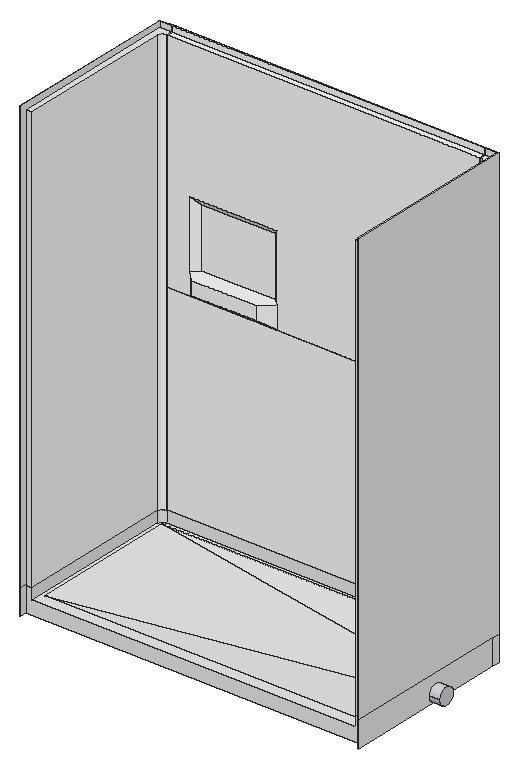
Revit family "5LBS6030BSD25T,BSD45T", category Plumbing Fixtures, Revit 2017
Family settings
  Round Connector Dimension = Use Diameter
  Part Type = Normal
  OmniClass Number = 23.45.05.14.17
  OmniClass Title = Showers
  Work Plane-Based = No
  Always vertical = Yes
  Cut with Voids When Loaded = No
  Shared = No
  Room Calculation Point = No
Parameters (values of type "5LBS6030BSD25T")
  Unit Width = 60"
  Unit Height = 81"
  URL = "http://www.bestbath.com/"
  Type Comments = "Barrier Free"
  Threshold Height = 2 1/2"
  Soap Ledge Height = 4 1/2"
  Pan Void Height = 3/4"
  Model = "5LBS6030BSD25T"
  Material [instance] = Best Bath Gelcoat Fiberglass - 4 x 8 Subway Tile
  Manufacturer = "Best Bath Systems, Inc."
  Keynote = "22 40 00.B3"
  Description = "4 x 8 Subway Tile, Traditional Threshold"
  Assembly Code = "D2010710"
Types (3): name | Unit Height | Threshold Height | Soap Ledge Height | Model
  (no name) | 81" | 2 1/2" | 4 1/2" | "5LBS6030BSD25T"
  5LBS6030BSD25T | 81" | 2 1/2" | 4 1/2" | "5LBS6030BSD25T"
  5LBS6030BSD45T | 83" | 4 1/2" | 6 1/2" | "5LBS6030BSD45T"
Reference planes (in)
  plane 1: z = 0
  plane 2 "Left": x = 0
  plane 3: z = 80
  plane 4: z = 81
  plane 5: y = 6.36165
  plane 6: y = 36.36165
  plane 7: x = 60
  plane 8: y = 35.11165
  plane 9: y = 22.36165
  plane 10: z = 2.5
  plane 11: z = 40
  plane 12: z = 4.5
  plane 13: y = 5.36165
  plane 14: z = 44
  plane 15: x = 30
  plane 16: z = 1.75
Forms (in)
  Extrusion 1, solid, material "Best Bath Gelcoat Fiberglass - 4 x 8 Subway Tile" <- "Material"
    sketch origin (0, 0, 0) x (1, 0, 0) y (0, 1, 0)
      loop
        line (2.25, 36.36165) -> (2.25, 35.11165) -> (57.75, 35.11165) -> (57.75, 36.36165) -> (2.25, 36.36165)
    from 4.5 to 40
  Blend 2, void
    base sketch origin (0, 0, 0) x (1, 0, 0) y (0, 1, 0)
      loop
        line (1.875, 8.36165) -> (58.125, 8.36165) -> (58.125, 34.48665) -> (1.875, 34.48665) -> (1.875, 8.36165)
    top sketch origin (0, 0, 0) x (1, 0, 0) y (0, 1, 0)
      loop
        line (54.63611, 25.36165) -> (54.63611, 19.36165) -> (58.125, 19.36165) -> (58.125, 25.36165) -> (54.63611, 25.36165)
    from 2.5 to 1.75
  Extrusion 3, solid, material "Best Bath Gelcoat Fiberglass - 4 x 8 Subway Tile" <- "Material"
    sketch origin (0, 0, 0) x (1, 0, 0) y (0, 1, 0)
      loop
        line (2.25, 36.36165) -> (2.25, 35.11165) -> (57.75, 35.11165) -> (57.75, 36.36165) -> (2.25, 36.36165)
    from 40 to 80
  Extrusion 4, solid, material "Best Bath Gelcoat Fiberglass - Smooth"
    sketch origin (0.25, 0, 0) x (1, 0, 0) y (0, 1, 0)
      loop
        line (-0.25, 6.36165) -> (1, 6.36165) -> (1, 34.11165)
        arc (1, 34.11165) -> (1.29289, 34.81875) -> (2, 35.11165) r 1
        line (2, 35.11165) -> (2, 36.36165) -> (-0.25, 36.36165) -> (-0.25, 6.36165)
      loop
        line (59.75, 6.36165) -> (59.75, 36.36165) -> (57.5, 36.36165) -> (57.5, 35.11165)
        arc (57.5, 35.11165) -> (58.20711, 34.81875) -> (58.5, 34.11165) r 1
        line (58.5, 34.11165) -> (58.5, 6.36165) -> (59.75, 6.36165)
    from 4.5 to 80
  Extrusion 5, solid, material "Best Bath Gelcoat Fiberglass - Smooth"
    sketch origin (0, 0, 0) x (1, 0, 0) y (0, 1, 0)
      loop
        line (0, 36.36165) -> (0, 6.36165) -> (1.25, 6.36165) -> (1.25, 34.11165)
        arc (1.25, 34.11165) -> (1.54289, 34.81875) -> (2.25, 35.11165) r 1
        line (2.25, 35.11165) -> (57.75, 35.11165)
        arc (57.75, 35.11165) -> (58.45711, 34.81875) -> (58.75, 34.11165) r 1
        line (58.75, 34.11165) -> (58.75, 6.36165) -> (60, 6.36165) -> (60, 35.11165) -> (60, 36.36165) -> (0, 36.36165)
    from 0 to 4.5
  Extrusion 6, solid, material "Best Bath Gelcoat Fiberglass - Smooth"
    sketch origin (0, 0, 0) x (1, 0, 0) y (0, 1, 0)
      loop
        line (0, 5.36165) -> (0.125, 5.36165) -> (0.125, 6.36165) -> (0, 6.36165) -> (0, 5.36165)
      loop
        line (60, 5.36165) -> (60, 6.36165) -> (59.875, 6.36165) -> (59.875, 5.36165) -> (60, 5.36165)
    from 0 to 4.5
  Extrusion 7, solid, material "Best Bath Gelcoat Fiberglass - 4 x 8 Subway Tile" <- "Material"
    sketch origin (0, 0, 0) x (1, 0, 0) y (0, 1, 0)
      loop
        line (2.25, 36.36165) -> (2.25, 36.23665) -> (57.75, 36.23665) -> (57.75, 36.36165) -> (2.25, 36.36165)
    from 80 to 81
  Extrusion 8, solid, material "Best Bath Gelcoat Fiberglass - Smooth"
    sketch origin (0, 0, 0) x (1, 0, 0) y (0, 1, 0)
      loop
        line (0.125, 5.36165) -> (0.125, 36.23665) -> (2.25, 36.23665) -> (2.25, 36.36165) -> (0, 36.36165) -> (0, 5.36165) -> (0.125, 5.36165)
      loop
        line (59.875, 5.36165) -> (60, 5.36165) -> (60, 36.36165) -> (57.75, 36.36165) -> (57.75, 36.23665) -> (59.875, 36.23665) -> (59.875, 5.36165)
    from 4.5 to 81
  Blend 9, solid, material "Best Bath Gelcoat Fiberglass - 4 x 8 Subway Tile" <- "Material"
    base sketch origin (1.5, -39, 0) x (1, 0, 0) y (0, 0, 1)
      loop
        line (52.25, 44) -> (36.75, 44) -> (36.75, 40) -> (52.25, 40) -> (52.25, 44)
    top sketch origin (1.5, -39, 0) x (1, 0, 0) y (0, 0, 1)
      loop
        line (38.75, 44) -> (38.75, 41.625) -> (50.25, 41.625) -> (50.25, 44) -> (38.75, 44)
    from -74.11165 to -72.11165
  Blend 10, void
    base sketch origin (1.5, -38.5, 0) x (1, 0, 0) y (0, 0, 1)
      loop
        line (36.75, 44) -> (52.25, 44) -> (52.25, 55.75) -> (36.75, 55.75) -> (36.75, 44)
    top sketch origin (1.5, -38.5, 0) x (1, 0, 0) y (0, 0, 1)
      loop
        line (38, 44) -> (51, 44) -> (51, 54.5) -> (38, 54.5) -> (38, 44)
    from -73.61165 to -74.61165
  Blend 11, solid, material "Best Bath Gelcoat Fiberglass - 4 x 8 Subway Tile" <- "Material"
    base sketch origin (58.5, -39, 0) x (-1, 0, 0) y (0, 0, -1)
      loop
        line (52.25, -44) -> (52.25, -40) -> (36.75, -40) -> (36.75, -44) -> (52.25, -44)
    top sketch origin (58.5, -39, 0) x (-1, 0, 0) y (0, 0, -1)
      loop
        line (38.75, -44) -> (50.25, -44) -> (50.25, -41.625) -> (38.75, -41.625) -> (38.75, -44)
    from -74.11165 to -72.11165
  Blend 12, void
    base sketch origin (58.5, -38.5, 0) x (-1, 0, 0) y (0, 0, -1)
      loop
        line (36.75, -44) -> (36.75, -55.75) -> (52.25, -55.75) -> (52.25, -44) -> (36.75, -44)
    top sketch origin (58.5, -38.5, 0) x (-1, 0, 0) y (0, 0, -1)
      loop
        line (38, -44) -> (38, -54.5) -> (51, -54.5) -> (51, -44) -> (38, -44)
    from -73.61165 to -74.61165
  Extrusion 13, solid, material "Best Bath Gelcoat Fiberglass - Smooth"
    sketch origin (0, 0, 0) x (1, 0, 0) y (0, 1, 0)
      loop
        line (0.125, 36.23665) -> (0.125, 6.36165) -> (59.875, 6.36165) -> (59.875, 36.23665) -> (0.125, 36.23665)
    from 0 to 2.5 <- "Threshold Height"
  Extrusion 14, solid
    sketch origin (0, 0, 0) x (0, 1, 0) y (0, 0, 1)
      loop
        circle (22.36165, 1.5) r 1.4375
    from 60 to 62
Cuts and joins
  Blend 2 cuts Extrusion 13
  joined: Extrusion 5, Extrusion 6, Extrusion 13
  Blend 10, Blend 12 cuts Extrusion 3
  Blend 12 cuts Extrusion 7
  Blend 12 cuts Blend 9
  joined: Extrusion 3, Extrusion 7, Blend 9, Blend 11
  joined: Extrusion 4, Extrusion 8
Dimensions and locks (in)
  locked: plane 4 to plane 3 at 1
  "Unit Height": plane 4 to level
  plane 2 "Left" to plane 7 = 60"
  "Unit Width": plane 2 "Left" to plane 7
  locked: plane 6 to plane 8 at 1.25
  locked: plane 6 to plane 9 at 14
  locked: plane 11 to plane 12 at 35.5
  locked: plane 5 to plane 13 at 1
  locked: plane 6 to plane 13 at 31
  locked: plane 14 to plane 11 at 4
  Blend 2 sketch curve to Blend 2 sketch curve = 6"
  "Threshold Height": cut or joined group of Blend 2, Extrusion 5, Extrusion 6, Extrusion 13 to level
  "Soap Ledge Height": plane 12 to level
  locked: plane 10 to plane 16 at 0.75
  locked: plane 9 to cut or joined group of Extrusion 4, Extrusion 8 at 14
  "Threshold Height": plane 10 to level
  plane 12 to Extrusion 14 sketch curve = 3"
  aligned and locked: level to plane 1
  aligned and locked: plane 11 to Extrusion 1
  aligned and locked: Extrusion 3 to Extrusion 1
  aligned and locked: plane 3 to Extrusion 3
  aligned and locked: plane 3 to Extrusion 4
  aligned and locked: plane 12 to Extrusion 5
  aligned and locked: Extrusion 4 to plane 12
  aligned and locked: Extrusion 1 to plane 12
  aligned and locked: Extrusion 6 to Extrusion 1
  aligned and locked: Extrusion 7 to plane 3
  aligned and locked: plane 4 to Extrusion 7
  aligned and locked: Extrusion 8 to Extrusion 1
  aligned and locked: plane 4 to Extrusion 8
  aligned and locked: Extrusion 13 sketch curve to cut or joined group of Extrusion 4, Extrusion 8  (x2)
  aligned and locked: cut or joined group of Extrusion 4, Extrusion 8 to Extrusion 13 sketch curve
  aligned and locked: Extrusion 13 sketch curve to cut or joined group of Blend 2, Extrusion 5, Extrusion 6, Extrusion 13
  aligned and locked: Blend 2 to plane 16
  aligned and locked: plane 10 to Blend 2
Automatic sketch dimensions
  Extrusion 1 sketch curve to plane 8 = 0"
  Extrusion 1 sketch curve to plane 6 = 0"
  plane 2 "Left" to Extrusion 1 sketch curve = 2 1/4"
  plane 7 to Extrusion 1 sketch curve = 2 1/4"
  Blend 2 sketch curve to plane 8 = 5/8"
  plane 2 "Left" to Blend 2 sketch curve = 1 7/8"
  plane 7 to Blend 2 sketch curve = 1 7/8"  (x2)
  plane 5 to Blend 2 sketch curve = 2"
  Extrusion 3 sketch curve to plane 8 = 0"
  Extrusion 3 sketch curve to plane 6 = 0"
  plane 2 "Left" to Extrusion 3 sketch curve = 2 1/4"
  plane 7 to Extrusion 3 sketch curve = 2 1/4"
  Extrusion 4 sketch curve to plane 2 "Left" = 0"
  Extrusion 4 sketch curve to plane 5 = 0"  (x2)
  Extrusion 4 sketch curve to plane 6 = 0"  (x2)
  Extrusion 4 sketch curve to plane 8 = 0"  (x2)
  Extrusion 4 sketch curve to plane 7 = 0"
  Extrusion 4 sketch curve to Extrusion 4 sketch curve = 1 1/4"
  Extrusion 4 sketch curve to Extrusion 4 sketch curve = 1"
  plane 7 to Extrusion 4 sketch curve = 2 1/4"
  plane 7 to Extrusion 4 sketch curve = 1 1/4"
  Extrusion 5 sketch curve to plane 2 "Left" = 0"
  Extrusion 5 sketch curve to plane 5 = 0"  (x2)
  Extrusion 5 sketch curve to plane 8 = 0"  (x2)
  Extrusion 5 sketch curve to plane 7 = 0"
  Extrusion 5 sketch curve to plane 6 = 0"
  Extrusion 5 sketch curve to Extrusion 5 sketch curve = 1 1/4"
  Extrusion 5 sketch curve to Extrusion 5 sketch curve = 1"
  Extrusion 5 sketch curve to plane 8 = 1"
  plane 7 to Extrusion 5 sketch curve = 2 1/4"
  Extrusion 6 sketch curve to plane 2 "Left" = 0"
  Extrusion 6 sketch curve to plane 5 = 0"  (x2)
  Extrusion 6 sketch curve to plane 13 = 0"  (x2)
  Extrusion 6 sketch curve to plane 7 = 0"
  plane 2 "Left" to Extrusion 6 sketch curve = 1/8"
  plane 7 to Extrusion 6 sketch curve = 1/8"
  Extrusion 7 sketch curve to plane 6 = 0"
  Extrusion 7 sketch curve to plane 6 = 1/8"
  plane 2 "Left" to Extrusion 7 sketch curve = 2 1/4"
  plane 7 to Extrusion 7 sketch curve = 2 1/4"
  Extrusion 8 sketch curve to plane 2 "Left" = 0"
  Extrusion 8 sketch curve to plane 13 = 0"  (x2)
  Extrusion 8 sketch curve to plane 6 = 0"  (x2)
  Extrusion 8 sketch curve to plane 7 = 0"
  plane 2 "Left" to Extrusion 8 sketch curve = 1/8"
  Extrusion 8 sketch curve to plane 6 = 1/8"  (x2)
  Extrusion 8 sketch curve to Extrusion 8 sketch curve = 2 1/8"
  plane 7 to Extrusion 8 sketch curve = 2 1/4"
  plane 7 to Extrusion 8 sketch curve = 1/8"
  Blend 9 sketch curve to plane 14 = 0"  (x2)
  Blend 9 sketch curve to plane 11 = 0"
  plane 15 to Blend 9 sketch curve = 8 1/4"
  plane 7 to Blend 9 sketch curve = 6 1/4"
  plane 11 to Blend 9 sketch curve = 1 5/8"
  plane 15 to Blend 9 sketch curve = 10 1/4"
  plane 7 to Blend 9 sketch curve = 8 1/4"
  Blend 10 sketch curve to plane 14 = 0"  (x2)
  plane 15 to Blend 10 sketch curve = 8 1/4"
  plane 7 to Blend 10 sketch curve = 6 1/4"
  plane 14 to Blend 10 sketch curve = 11 3/4"
  plane 15 to Blend 10 sketch curve = 9 1/2"
  plane 7 to Blend 10 sketch curve = 7 1/2"
  plane 14 to Blend 10 sketch curve = 10 1/2"
  Blend 11 sketch curve to plane 14 = 0"  (x2)
  Blend 11 sketch curve to plane 11 = 0"
  Blend 11 sketch curve to plane 15 = 8 1/4"
  plane 2 "Left" to Blend 11 sketch curve = 6 1/4"
  plane 11 to Blend 11 sketch curve = 1 5/8"
  Blend 11 sketch curve to plane 15 = 10 1/4"
  plane 2 "Left" to Blend 11 sketch curve = 8 1/4"
  Blend 12 sketch curve to plane 14 = 0"  (x2)
  Blend 12 sketch curve to plane 15 = 8 1/4"
  plane 2 "Left" to Blend 12 sketch curve = 6 1/4"
  plane 14 to Blend 12 sketch curve = 11 3/4"
  Blend 12 sketch curve to plane 15 = 9 1/2"
  plane 2 "Left" to Blend 12 sketch curve = 7 1/2"
  plane 14 to Blend 12 sketch curve = 10 1/2"
  Blend 2 sketch curve to plane 9 = 3"
  plane 7 to Blend 2 sketch curve = 5.36389"
  Extrusion 14 sketch curve to plane 9 = 0"
  radius of Extrusion 14 sketch curve = 1 7/16"
